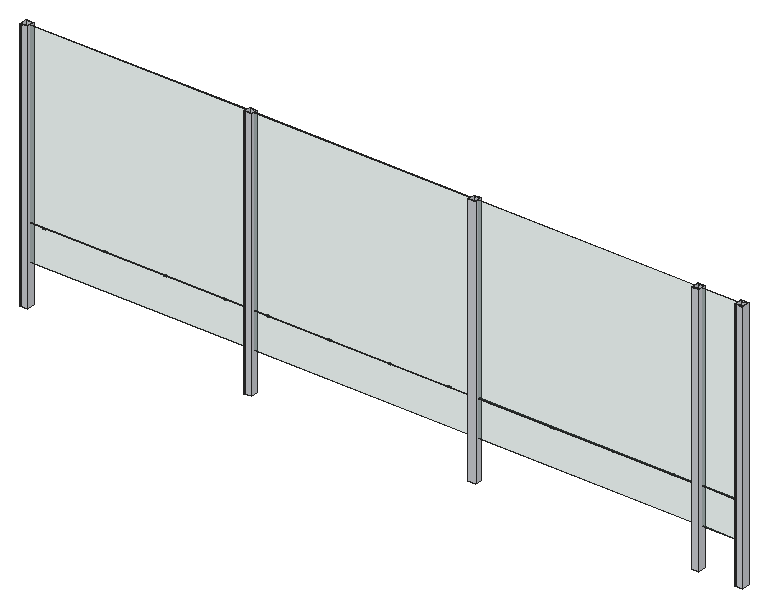
Revit family "Ограждение_Составное_Панель_2D_3000", category Специальное оборудование, Revit 2019 (continued)
Nested families
  nested 117: "В_Метизы" at (6220, 0, 2392.981), type "Метизы"
    with Тип крепежа 2, Путь к таблице "Таблица метизов", ADSK_Наименование "Комплект метизов «В» для крепления скобы из нержавеющей стали (Винт М8х30 ISO 7380 А2   - 4 шт., Шайба D8 DIN 125 А2-70 - 4 шт.,Шайба 8 DIN 127 нерж.)", ADSK_Комплект "Ограждение", ADSK_Количество 1, ADSK_Код изделия "8923"
Definition of nested family "В_Столб"
  Parameters (values of type "Столб")
    Условное обозначение [instance] = yes
    Тип крепежа [instance] = 1
    Таблица [instance] = "Столб новый"  # constant formula
    С фланцем под в.о. [instance] = no
    С фланцем [instance] = no
    Под насадку число [instance] = 1  # constant formula
    Под насадку [instance] = no
    Под бетонирование [instance] = yes
    Ограничитель крепежа [instance] = if(Тип крепежа < 0, 0, if(Тип крепежа > 4, 4, Тип крепежа))  # 1
    Крепеж в массиве [instance] = if(Под насадку, if(Высота забора < 3030 mm, if(N крепежа в массиве < 2, 2, N крепежа в массиве), 5) - 1, if(Высота забора < 3030 mm, if(N крепежа в массиве < 2, 2, N крепежа в массиве), 5))  # 5
    Manufacturer = [ADSK_Завод-изготовитель]  # "FENSYS"
    Длина под бетонирование [instance] = if(Под бетонирование, 500 mm, 0 mm)  # 500 mm
    Высота сваи [instance] = 1000 mm
    Диаметр сваи [instance] = 56 mm
    Высота забора [instance] = 5000 mm
    Выбор типа крепления [instance] = if(Под бетонирование, 1, if(С фланцем, 2, 0))  # 1
    URL = "https://www.fensys.ru/produkciya/vintovye-opory_1.html"
    N крепежа в массиве [instance] = rounddown(Высота забора / 485 mm)  # 10
    ADSK_Размер_Ширина [instance] = 40 mm
    ADSK_Размер_Толщина стенки [instance] = 2 mm
    ADSK_Размер_Глубина [instance] = 60 mm
    ADSK_Размер_Высота [instance] = Высота забора  # 5000 mm
    ADSK_Обозначение [instance] = if(С фланцем, "SIT", if(С фланцем под в.о., "SITgs", "SI"))  # "SI"
    ADSK_Наименование [instance] = size_lookup(Таблица, "", "Столб не найден, проверьте параметры", ADSK_Размер_Высота, ADSK_Размер_Ширина, ADSK_Размер_Глубина, ADSK_Размер_Толщина стенки, Выбор типа крепления, Под насадку число)  # "Столб ограждения (под насадку): профиль 40x60x2 мм, L= 5000 мм, под бетонирование"
    ADSK_Материал = none
    ADSK_Масса [instance] = size_lookup(Таблица, "ADSK_Масса", 0, ADSK_Размер_Высота, ADSK_Размер_Ширина, ADSK_Размер_Глубина, ADSK_Размер_Толщина стенки, Выбор типа крепления)  # 14.5
    ADSK_Комплект [instance] = "Ограждение"
    ADSK_Код изделия [instance] = size_lookup(Таблица, "ADSK_Код изделия", "Код столба не найден, проверьте параметры", ADSK_Размер_Высота, ADSK_Размер_Ширина, ADSK_Размер_Глубина, ADSK_Размер_Толщина стенки, Выбор типа крепления, Под насадку число)  # "23187N"
    ADSK_Завод-изготовитель = "FENSYS"  # constant formula
    ADSK_Единица измерения = "шт."  # constant formula
  Reference planes
    plane 1 "По центру (Вперед/Назад)": y = 0
    plane 2: z = 0
    plane 3 "По центру (Влево/Вправо)": x = 0
    plane 4: z = 5000
    plane 5: x = -20
    plane 6: x = 20
    plane 7: y = 30
    plane 8: y = -30
    plane 9: z = -500
    plane 10: z = 5000
  Forms (mm)
    Extrusion 1, solid
      sketch origin (0, 0, 0) x (1, 0, 0) y (0, 1, 0)
        loop
          line (-20, 30) -> (-20, -30) -> (20, -30) -> (20, 30) -> (-20, 30)
        loop
          line (-18, 28) -> (-18, -28) -> (18, -28) -> (18, 28) -> (-18, 28)
      from -500 to 5000
  Dimensions and locks
    equal spacing: plane 5, plane 3 "По центру (Влево/Вправо)", plane 6
    "ADSK_Размер_Ширина": plane 5 to plane 6
    "ADSK_Размер_Глубина": plane 8 to plane 7
    equal spacing: plane 8, plane 1 "По центру (Вперед/Назад)", plane 7
    "ADSK_Размер_Толщина стенки": Extrusion 1 sketch curve to plane 6
    "ADSK_Размер_Толщина стенки": plane 8 to Extrusion 1 sketch curve
    "ADSK_Размер_Толщина стенки": plane 7 to Extrusion 1 sketch curve
    "ADSK_Размер_Толщина стенки": plane 5 to Extrusion 1 sketch curve
    plane 4 to plane 2 = 5000 mm
    "Длина под бетонирование": level to plane 9
    nested 2 to plane 2 = 104.903 mm
    equal spacing: group 1, group 3, group 4, group 5, group 2  (x3)
    locked: plane 10 to nested 3 at 35
    "Высота забора": level to plane 10
    aligned and locked: level to plane 2
    aligned and locked: plane 4 to Extrusion 1
    aligned and locked: plane 6 to Extrusion 1
    aligned and locked: plane 5 to Extrusion 1
    aligned and locked: plane 8 to Extrusion 1
    aligned and locked: plane 7 to Extrusion 1
    aligned and locked: plane 3 "По центру (Влево/Вправо)" to nested 1
    aligned and locked: plane 1 "По центру (Вперед/Назад)" to nested 1
    aligned and locked: Extrusion 1 to plane 9
    aligned and locked: plane 3 "По центру (Влево/Вправо)" to nested 2
    aligned and locked: plane 3 "По центру (Влево/Вправо)" to nested 4
    aligned and locked: nested 10 to plane 1 "По центру (Вперед/Назад)"
    aligned and locked: plane 4 to plane 10
  Automatic sketch dimensions
    Extrusion 1 sketch curve to plane 5 = 0 mm
    Extrusion 1 sketch curve to plane 6 = 0 mm
    plane 8 to Extrusion 1 sketch curve = 0 mm
    Extrusion 1 sketch curve to plane 7 = 0 mm
  Nested families
    nested 1: "В_Винтовая опора" at (0, 0, 0), Ширина столба <- "ADSK_Размер_Ширина", Глубина столба <- "ADSK_Размер_Глубина", Диаметр сваи <- "Диаметр сваи", visible <- "С фланцем под в.о.", Высота сваи <- "Высота сваи", ADSK_Комплект <- "ADSK_Комплект", type "Свая"
      with Ширина столба 40 mm, Путь к таблице "Опора имя", Диаметр сваи 56 mm, Глубина столба 60 mm, Высота сваи 1000 mm, ADSK_Наименование "Свая не найдена, проверьте параметры", ADSK_Масса 0, ADSK_Комплект "Ограждение", ADSK_Завод-изготовитель "FENSYS", ADSK_Единица измерения "шт."
    nested 2: "В_Крепеж" at (0, 0, 104.903), Тип крепежа <- "Ограничитель крепежа", ADSK_Комплект <- "ADSK_Комплект", type "Крепеж"
      with Ширина столба 0 mm, Тип крепежа 1, Путь к таблице "Таблица крепежей", Видимость метизов yes, Y насадка no, ADSK_Обозначение "Крепеж", ADSK_Наименование "Скоба F24", ADSK_Комплект "Ограждение", ADSK_Количество 1, ADSK_Код изделия "15512K"
    nested 3: "В_Крепеж" at (0, 0, 4965), Тип крепежа <- "Ограничитель крепежа", ADSK_Комплект <- "ADSK_Комплект", type "Крепеж"
      with Ширина столба 0 mm, Тип крепежа 1, Путь к таблице "Таблица крепежей", Видимость метизов yes, Y насадка no, ADSK_Обозначение "Крепеж", ADSK_Наименование "Скоба F24", ADSK_Комплект "Ограждение", ADSK_Количество 1, ADSK_Код изделия "15512K"
    nested 4: "В_Крепеж" at (0, 0, 1319.928), Тип крепежа <- "Ограничитель крепежа", ADSK_Комплект <- "ADSK_Комплект", type "Крепеж"
      with Ширина столба 0 mm, Тип крепежа 1, Путь к таблице "Таблица крепежей", Видимость метизов yes, Y насадка no, ADSK_Обозначение "Крепеж", ADSK_Наименование "Скоба F24", ADSK_Комплект "Ограждение", ADSK_Количество 1, ADSK_Код изделия "15512K"
    nested 5: "В_Крепеж" at (0, 0, 2534.952), Тип крепежа <- "Ограничитель крепежа", ADSK_Комплект <- "ADSK_Комплект", type "Крепеж"
      with Ширина столба 0 mm, Тип крепежа 1, Путь к таблице "Таблица крепежей", Видимость метизов yes, Y насадка no, ADSK_Обозначение "Крепеж", ADSK_Наименование "Скоба F24", ADSK_Комплект "Ограждение", ADSK_Количество 1, ADSK_Код изделия "15512K"
    nested 6: "В_Метизы" at (20, 0, 2534.952), type "Метизы"
      with Тип крепежа 1, Путь к таблице "Таблица метизов", ADSK_Наименование "Комплект метизов «В» для крепления скобы F24 (Винт М6х30 ISO 7380 А2 - 4 шт., Шайба D6 DIN 125 А2 - 4 шт.,Шайба 6 DIN 127 А2 - 4 шт.)", ADSK_Комплект "Ограждение", ADSK_Количество 1, ADSK_Код изделия "8932"
    nested 7: "В_Метизы" at (20, 0, 104.903), type "Метизы"
      with Тип крепежа 1, Путь к таблице "Таблица метизов", ADSK_Наименование "Комплект метизов «В» для крепления скобы F24 (Винт М6х30 ISO 7380 А2 - 4 шт., Шайба D6 DIN 125 А2 - 4 шт.,Шайба 6 DIN 127 А2 - 4 шт.)", ADSK_Комплект "Ограждение", ADSK_Количество 1, ADSK_Код изделия "8932"
    nested 8: "В_Метизы" at (20, 0, 4965), type "Метизы"
      with Тип крепежа 1, Путь к таблице "Таблица метизов", ADSK_Наименование "Комплект метизов «В» для крепления скобы F24 (Винт М6х30 ISO 7380 А2 - 4 шт., Шайба D6 DIN 125 А2 - 4 шт.,Шайба 6 DIN 127 А2 - 4 шт.)", ADSK_Комплект "Ограждение", ADSK_Количество 1, ADSK_Код изделия "8932"
    nested 9: "В_Метизы" at (20, 0, 1319.928), type "Метизы"
      with Тип крепежа 1, Путь к таблице "Таблица метизов", ADSK_Наименование "Комплект метизов «В» для крепления скобы F24 (Винт М6х30 ISO 7380 А2 - 4 шт., Шайба D6 DIN 125 А2 - 4 шт.,Шайба 6 DIN 127 А2 - 4 шт.)", ADSK_Комплект "Ограждение", ADSK_Количество 1, ADSK_Код изделия "8932"
    nested 10: "Типовая аннотация" at (0, 0, 0) x (0, 1, 0) z (0, 0, 1), visible <- "Условное обозначение", type "Типовая аннотация"
      with Ширина 8 mm, Высота 8 mm
    nested 11: "В_Крепеж" at (0, 0, 3749.976), Тип крепежа <- "Ограничитель крепежа", ADSK_Комплект <- "ADSK_Комплект", type "Крепеж"
      with Ширина столба 0 mm, Тип крепежа 1, Путь к таблице "Таблица крепежей", Видимость метизов yes, Y насадка no, ADSK_Обозначение "Крепеж", ADSK_Наименование "Скоба F24", ADSK_Комплект "Ограждение", ADSK_Количество 1, ADSK_Код изделия "15512K"
    nested 12: "В_Метизы" at (20, 0, 3749.976), type "Метизы"
      with Тип крепежа 1, Путь к таблице "Таблица метизов", ADSK_Наименование "Комплект метизов «В» для крепления скобы F24 (Винт М6х30 ISO 7380 А2 - 4 шт., Шайба D6 DIN 125 А2 - 4 шт.,Шайба 6 DIN 127 А2 - 4 шт.)", ADSK_Комплект "Ограждение", ADSK_Количество 1, ADSK_Код изделия "8932"
  Definition of nested family "В_Винтовая опора"
    Parameters (values of type "Свая")
      Ширина столба [instance] = 60 mm
      Путь к таблице [instance] = "Опора имя"  # constant formula
      Диаметр сваи [instance] = 57 mm
      Глубина столба [instance] = 60 mm
      Высота сваи [instance] = 1000 mm
      URL = "https://www.fensys.ru/produkciya/zabivnye-svai_1.html"
      ADSK_Наименование [instance] = size_lookup(Путь к таблице, "", "Свая не найдена, проверьте параметры", Высота сваи, Диаметр сваи, Ширина столба, Глубина столба)  # "Винтовая опора 57х1000 фланец под столб 60х60"
      ADSK_Масса [instance] = size_lookup(Путь к таблице, "ADSK_Масса", 0, Высота сваи, Диаметр сваи, Ширина столба, Глубина столба)  # 5.5
      ADSK_Комплект [instance] = "Ограждение"
      ADSK_Завод-изготовитель [instance] = "FENSYS"  # constant formula
      ADSK_Единица измерения [instance] = "шт."  # constant formula
    Reference planes
      plane 1 "По центру (Вперед/Назад)": y = 0
      plane 2: z = 0
      plane 3 "По центру (Влево/Вправо)": x = 0
      plane 4 "Низ сваи": z = -1000
    Forms (mm)
      Blend 1, solid
        base sketch origin (0, 0, 0) x (1, 0, 0) y (0, 1, 0)
          loop
            circle (0, 0) r 20
        top sketch origin (0, 0, 0) x (1, 0, 0) y (0, 1, 0)
          loop
            circle (0, 0) r 57
        from -1000 to 0
    Dimensions and locks
      "Высота сваи": level to plane 4 "Низ сваи"
      "Диаметр сваи": radius of Blend 1 sketch curve
      aligned and locked: level to plane 2
      aligned and locked: level to Blend 1
      aligned and locked: Blend 1 to level
      aligned and locked: Blend 1 to plane 4 "Низ сваи"
    Automatic sketch dimensions
      plane 1 "По центру (Вперед/Назад)" to Blend 1 sketch curve = 0 mm  (x2)
      Blend 1 sketch curve to plane 3 "По центру (Влево/Вправо)" = 0 mm  (x2)
      radius of Blend 1 sketch curve = 20 mm
  Definition of nested family "В_Крепеж"
    Parameters (values of type "Крепеж")
      Ширина столба [instance] = 0 mm
      Тип крепежа [instance] = 5
      Путь к таблице [instance] = "Таблица крепежей"  # constant formula
      Manufacturer = [ADSK_Завод-изготовитель]  # "FENSYS"
      Model = "Насадки"
      Видимость метизов [instance] = not(Тип крепежа = 5)  # no
      Y насадка [instance] = yes
      URL = "https://www.fensys.ru/produkciya/krepyozh.html"
      ADSK_Обозначение [instance] = "Крепеж"  # constant formula
      ADSK_Наименование [instance] = size_lookup(Путь к таблице, "", "Не найдено", Тип крепежа)  # "Комплект крепления СББ/ПББ к насадке (Болт М6х25 DIN 933 оц - 4 шт., Зажим для крепления струны/проволоки - 4 шт., Шайба D6 DIN 125 оц. - 8 шт.,  Гайка М6 кл.8.0 DIN 934 оц. - 4 шт.)"
      ADSK_Комплект [instance] = ""
      ADSK_Количество [instance] = 1  # constant formula
      ADSK_Код изделия [instance] = size_lookup(Путь к таблице, "ADSK_Код изделия", "Не найдено", Тип крепежа)  # "8927"
      ADSK_Завод-изготовитель = "FENSYS"  # constant formula
      ADSK_Единица измерения = "шт."  # constant formula
    Reference planes
      plane 1 "По центру (Вперед/Назад)": y = 0
      plane 2: z = 0
      plane 3 "По центру (Влево/Вправо)": x = 0
      plane 4: z = 0
    Forms (mm)
      Extrusion 1, solid
        sketch origin (0, -3, 0) x (1, 0, 0) y (0, 1, 0)
          loop
            line (-20, 5.5) -> (-20, 0.5) -> (20, 0.5) -> (20, 5.5) -> (-20, 5.5)
        from -4.311 to 4.311
    Dimensions and locks
      locked: Extrusion 1 sketch curve to Extrusion 1 sketch curve at 5
      locked: Extrusion 1 sketch curve to Extrusion 1 sketch curve at 40
      aligned and locked: level to plane 2
    Nested families
      nested 1: "В_Метизы" at (20, 0, 0), Тип крепежа <- "Тип крепежа", ADSK_Комплект <- "ADSK_Комплект", visible <- "Видимость метизов", type "Метизы"
        with Тип крепежа 5, Путь к таблице "Таблица метизов", ADSK_Наименование "Комплект крепления СББ/ПББ к насадке (Болт М6х25 DIN 933 оц - 4 шт., Зажим для крепления струны/проволоки - 4 шт., Шайба D6 DIN 125 оц. - 8 шт.,  Гайка М6 кл.8.0 DIN 934 оц. - 4 шт.)", ADSK_Комплект "", ADSK_Количество 1, ADSK_Код изделия "8927"
      nested 2: "В_Метизы" at (-20, 0, 0), visible <- "Y насадка", Тип крепежа <- "Тип крепежа", ADSK_Комплект <- "ADSK_Комплект", type "Метизы"
        with Тип крепежа 5, Путь к таблице "Таблица метизов", ADSK_Наименование "Комплект крепления СББ/ПББ к насадке (Болт М6х25 DIN 933 оц - 4 шт., Зажим для крепления струны/проволоки - 4 шт., Шайба D6 DIN 125 оц. - 8 шт.,  Гайка М6 кл.8.0 DIN 934 оц. - 4 шт.)", ADSK_Комплект "", ADSK_Количество 1, ADSK_Код изделия "8927"
    Definition of nested family "В_Метизы"
      Parameters (values of type "Метизы")
        Тип крепежа [instance] = 1
        Путь к таблице [instance] = "Таблица метизов"  # constant formula
        Manufacturer = [ADSK_Завод-изготовитель]  # "FENSYS"
        URL = "https://www.fensys.ru/produkciya/krepyozh.html"
        ADSK_Наименование [instance] = size_lookup(Путь к таблице, "", "Не найдено", Тип крепежа)  # "Комплект метизов «В» для крепления скобы F24 (Винт М6х30 ISO 7380 А2 - 4 шт., Шайба D6 DIN 125 А2 - 4 шт.,Шайба 6 DIN 127 А2 - 4 шт.)"
        ADSK_Комплект [instance] = "Ограждение"
        ADSK_Количество [instance] = 1  # constant formula
        ADSK_Код изделия [instance] = size_lookup(Путь к таблице, "ADSK_Код изделия", "Не найдено", Тип крепежа)  # "8932"
        ADSK_Завод-изготовитель = "FENSYS"  # constant formula
        ADSK_Единица измерения = "шт."  # constant formula
      Reference planes
        plane 1 "По центру (Вперед/Назад)": y = 0
        plane 2: z = 0
        plane 3 "По центру (Влево/Вправо)": x = 0
        plane 4: z = 0
      Lines and regions (mm)
        reference lines
          curve 1: circle (0, 0, 0) r 0.299 normal (0, -1, 0)
        model lines
          curve 2: circle (0, 0, 0) r 0.3 normal (0, -1, 0)
      Dimensions and locks
        aligned and locked: level to plane 2
  Definition of nested family "В_Метизы"
    Parameters (values of type "Метизы")
      Тип крепежа [instance] = 1
      Путь к таблице [instance] = "Таблица метизов"  # constant formula
      Manufacturer = [ADSK_Завод-изготовитель]  # "FENSYS"
      URL = "https://www.fensys.ru/produkciya/krepyozh.html"
      ADSK_Наименование [instance] = size_lookup(Путь к таблице, "", "Не найдено", Тип крепежа)  # "Комплект метизов «В» для крепления скобы F24 (Винт М6х30 ISO 7380 А2 - 4 шт., Шайба D6 DIN 125 А2 - 4 шт.,Шайба 6 DIN 127 А2 - 4 шт.)"
      ADSK_Комплект [instance] = "Ограждение"
      ADSK_Количество [instance] = 1  # constant formula
      ADSK_Код изделия [instance] = size_lookup(Путь к таблице, "ADSK_Код изделия", "Не найдено", Тип крепежа)  # "8932"
      ADSK_Завод-изготовитель = "FENSYS"  # constant formula
      ADSK_Единица измерения = "шт."  # constant formula
    Reference planes
      plane 1 "По центру (Вперед/Назад)": y = 0
      plane 2: z = 0
      plane 3 "По центру (Влево/Вправо)": x = 0
      plane 4: z = 0
    Lines and regions (mm)
      reference lines
        curve 1: circle (0, 0, 0) r 0.299 normal (0, -1, 0)
      model lines
        curve 2: circle (0, 0, 0) r 0.3 normal (0, -1, 0)
    Dimensions and locks
      aligned and locked: level to plane 2
  Definition of nested family "Типовая аннотация"
    Parameters (values of type "Типовая аннотация")
      Ширина [instance] = 10 mm
      Высота [instance] = 10 mm
    Reference planes
      plane 1: y = 0
      plane 2: x = 0
    Lines and regions (mm)
      detail lines
        curve 1: line (-5, 5, 0) -> (5, 5, 0)
        curve 2: line (-5, -5, 0) -> (-5, 5, 0)
        curve 3: line (5, -5, 0) -> (-5, -5, 0)
        curve 4: line (5, 5, 0) -> (5, -5, 0)
      reference lines
        curve 5: line (-5, 0, 0) -> (5, 0, 0)
        curve 6: line (0, -5, 0) -> (0, 5, 0)
        curve 7: line (5, -5, 0) -> (5, 5, 0)
        curve 8: line (-5, -5, 0) -> (-5, 5, 0)
        curve 9: line (5, 5, 0) -> (-5, 5, 0)
        curve 10: line (5, -5, 0) -> (-5, -5, 0)
    Dimensions and locks
      "Высота": curve 9 to curve 10
      "Ширина": curve 8 to curve 7
      equal spacing: curve 10, plane 1, curve 9
      equal spacing: curve 8, curve 6, curve 7
      aligned and locked: plane 1 to curve 5
      aligned and locked: plane 2 to curve 6
      aligned and locked: curve 8 to curve 2
      aligned and locked: curve 1 to curve 9
      aligned and locked: curve 4 to curve 7
      aligned and locked: curve 3 to curve 10
Definition of nested family "В_Панель_2D"
  Parameters (values of type "Панель")
    Толщина панели = 8 mm
    Тип крепежа [instance] = 0
    Таблица массы = "Панель_масса_2Д"  # constant formula
    Расчетная длина [instance] = ADSK_Размер_Ширина + Отступ панели * 2  # 3100 mm
    Размер ячейки [instance] = 2
    Размер прутка [instance] = 0
    Таблица поиска = "Панель_имя_2Д"  # constant formula
    Отступ панели от основания [instance] = 100 mm
    Отступ панели [instance] = 50 mm
    Manufacturer = [ADSK_Завод-изготовитель]  # "FENSYS"
    URL = "https://www.fensys.ru/produkciya/3d-zabory.html"
    ADSK_Размер_Ширина [instance] = 3000 mm
    ADSK_Размер_Высота [instance] = 1030 mm
    ADSK_Примечание [instance] = ""
    ADSK_Обозначение [instance] = if(Размер ячейки = 1, "GUARD-G", if(Размер ячейки = 2, "GUARD-T", "GUARD"))  # "GUARD-T"
    ADSK_Наименование [instance] = size_lookup(Таблица поиска, "", "Панель под подрезку", ADSK_Размер_Ширина, ADSK_Размер_Высота, Размер ячейки, Размер прутка)  # "Панель серии 2D: HxW (высота х ширина) 1030x3000 мм, пруток D=5/5/5 мм, ячейка = 50х150"
    ADSK_Материал = none
    ADSK_Масса [instance] = size_lookup(Таблица массы, "ADSK_Масса", 0, ADSK_Размер_Ширина, ADSK_Размер_Высота, Размер ячейки, Размер прутка)  # 15.8
    ADSK_Комплект [instance] = "Ограждение"
    ADSK_Код изделия [instance] = size_lookup(Таблица поиска, "ADSK_Код изделия", " ", ADSK_Размер_Ширина, ADSK_Размер_Высота, Размер ячейки, Размер прутка)  # "21829"
    ADSK_Завод-изготовитель = "FENSYS"  # constant formula
    ADSK_Единица измерения = "шт."  # constant formula
  Reference planes
    plane 1 "По центру (Вперед/Назад)": y = 0
    plane 2 "Низ панели": z = 0
    plane 3 "По центру (Влево/Вправо)": x = 0
    plane 4: x = 3050
    plane 5: x = 50
    plane 6: x = 3100
    plane 7: z = 100
    plane 8: y = -4
    plane 9: y = 4
    plane 10: z = 1130
  Forms (mm)
    Extrusion 1, solid, material <- "ADSK_Материал"
      sketch origin (0, 0, 0) x (1, 0, 0) y (0, 1, 0)
        loop
          line (50, 4) -> (50, -4) -> (3050, -4) -> (3050, 4) -> (50, 4)
      from 100 to 1130
  Dimensions and locks
    "ADSK_Размер_Ширина": plane 5 to plane 4
    "Отступ панели": plane 4 to plane 6
    "Отступ панели": plane 3 "По центру (Влево/Вправо)" to plane 5
    "Расчетная длина": plane 3 "По центру (Влево/Вправо)" to plane 6
    "Отступ панели от основания": plane 7 to level
    equal spacing: plane 8, plane 1 "По центру (Вперед/Назад)", plane 9
    "Толщина панели": plane 9 to plane 8
    "ADSK_Размер_Высота": plane 10 to plane 7
    aligned and locked: level to plane 2 "Низ панели"
    aligned and locked: Extrusion 1 sketch curve to plane 4
    aligned and locked: plane 5 to Extrusion 1 sketch curve
    aligned and locked: Extrusion 1 to plane 7
    aligned and locked: Extrusion 1 to plane 9
    aligned and locked: plane 8 to Extrusion 1
    aligned and locked: Extrusion 1 to plane 10
    aligned and locked: plane 7 to Extrusion 1
  Automatic sketch dimensions
    plane 8 to Extrusion 1 sketch curve = 0 mm
    plane 9 to Extrusion 1 sketch curve = 0 mm
Definition of nested family "В_Крепеж"
  Parameters (values of type "Крепеж")
    Ширина столба [instance] = 0 mm
    Тип крепежа [instance] = 5
    Путь к таблице [instance] = "Таблица крепежей"  # constant formula
    Manufacturer = [ADSK_Завод-изготовитель]  # "FENSYS"
    Model = "Насадки"
    Видимость метизов [instance] = not(Тип крепежа = 5)  # no
    Y насадка [instance] = yes
    URL = "https://www.fensys.ru/produkciya/krepyozh.html"
    ADSK_Обозначение [instance] = "Крепеж"  # constant formula
    ADSK_Наименование [instance] = size_lookup(Путь к таблице, "", "Не найдено", Тип крепежа)  # "Комплект крепления СББ/ПББ к насадке (Болт М6х25 DIN 933 оц - 4 шт., Зажим для крепления струны/проволоки - 4 шт., Шайба D6 DIN 125 оц. - 8 шт.,  Гайка М6 кл.8.0 DIN 934 оц. - 4 шт.)"
    ADSK_Комплект [instance] = ""
    ADSK_Количество [instance] = 1  # constant formula
    ADSK_Код изделия [instance] = size_lookup(Путь к таблице, "ADSK_Код изделия", "Не найдено", Тип крепежа)  # "8927"
    ADSK_Завод-изготовитель = "FENSYS"  # constant formula
    ADSK_Единица измерения = "шт."  # constant formula
  Reference planes
    plane 1 "По центру (Вперед/Назад)": y = 0
    plane 2: z = 0
    plane 3 "По центру (Влево/Вправо)": x = 0
    plane 4: z = 0
  Forms (mm)
    Extrusion 1, solid
      sketch origin (0, -3, 0) x (1, 0, 0) y (0, 1, 0)
        loop
          line (-20, 5.5) -> (-20, 0.5) -> (20, 0.5) -> (20, 5.5) -> (-20, 5.5)
      from -4.311 to 4.311
  Dimensions and locks
    locked: Extrusion 1 sketch curve to Extrusion 1 sketch curve at 5
    locked: Extrusion 1 sketch curve to Extrusion 1 sketch curve at 40
    aligned and locked: level to plane 2
  Nested families
    nested 1: "В_Метизы" at (20, 0, 0), Тип крепежа <- "Тип крепежа", ADSK_Комплект <- "ADSK_Комплект", visible <- "Видимость метизов", type "Метизы"
      with Тип крепежа 5, Путь к таблице "Таблица метизов", ADSK_Наименование "Комплект крепления СББ/ПББ к насадке (Болт М6х25 DIN 933 оц - 4 шт., Зажим для крепления струны/проволоки - 4 шт., Шайба D6 DIN 125 оц. - 8 шт.,  Гайка М6 кл.8.0 DIN 934 оц. - 4 шт.)", ADSK_Комплект "", ADSK_Количество 1, ADSK_Код изделия "8927"
    nested 2: "В_Метизы" at (-20, 0, 0), visible <- "Y насадка", Тип крепежа <- "Тип крепежа", ADSK_Комплект <- "ADSK_Комплект", type "Метизы"
      with Тип крепежа 5, Путь к таблице "Таблица метизов", ADSK_Наименование "Комплект крепления СББ/ПББ к насадке (Болт М6х25 DIN 933 оц - 4 шт., Зажим для крепления струны/проволоки - 4 шт., Шайба D6 DIN 125 оц. - 8 шт.,  Гайка М6 кл.8.0 DIN 934 оц. - 4 шт.)", ADSK_Комплект "", ADSK_Количество 1, ADSK_Код изделия "8927"
  Definition of nested family "В_Метизы"
    Parameters (values of type "Метизы")
      Тип крепежа [instance] = 1
      Путь к таблице [instance] = "Таблица метизов"  # constant formula
      Manufacturer = [ADSK_Завод-изготовитель]  # "FENSYS"
      URL = "https://www.fensys.ru/produkciya/krepyozh.html"
      ADSK_Наименование [instance] = size_lookup(Путь к таблице, "", "Не найдено", Тип крепежа)  # "Комплект метизов «В» для крепления скобы F24 (Винт М6х30 ISO 7380 А2 - 4 шт., Шайба D6 DIN 125 А2 - 4 шт.,Шайба 6 DIN 127 А2 - 4 шт.)"
      ADSK_Комплект [instance] = "Ограждение"
      ADSK_Количество [instance] = 1  # constant formula
      ADSK_Код изделия [instance] = size_lookup(Путь к таблице, "ADSK_Код изделия", "Не найдено", Тип крепежа)  # "8932"
      ADSK_Завод-изготовитель = "FENSYS"  # constant formula
      ADSK_Единица измерения = "шт."  # constant formula
    Reference planes
      plane 1 "По центру (Вперед/Назад)": y = 0
      plane 2: z = 0
      plane 3 "По центру (Влево/Вправо)": x = 0
      plane 4: z = 0
    Lines and regions (mm)
      reference lines
        curve 1: circle (0, 0, 0) r 0.299 normal (0, -1, 0)
      model lines
        curve 2: circle (0, 0, 0) r 0.3 normal (0, -1, 0)
    Dimensions and locks
      aligned and locked: level to plane 2
Definition of nested family "В_Метизы"
  Parameters (values of type "Метизы")
    Тип крепежа [instance] = 1
    Путь к таблице [instance] = "Таблица метизов"  # constant formula
    Manufacturer = [ADSK_Завод-изготовитель]  # "FENSYS"
    URL = "https://www.fensys.ru/produkciya/krepyozh.html"
    ADSK_Наименование [instance] = size_lookup(Путь к таблице, "", "Не найдено", Тип крепежа)  # "Комплект метизов «В» для крепления скобы F24 (Винт М6х30 ISO 7380 А2 - 4 шт., Шайба D6 DIN 125 А2 - 4 шт.,Шайба 6 DIN 127 А2 - 4 шт.)"
    ADSK_Комплект [instance] = "Ограждение"
    ADSK_Количество [instance] = 1  # constant formula
    ADSK_Код изделия [instance] = size_lookup(Путь к таблице, "ADSK_Код изделия", "Не найдено", Тип крепежа)  # "8932"
    ADSK_Завод-изготовитель = "FENSYS"  # constant formula
    ADSK_Единица измерения = "шт."  # constant formula
  Reference planes
    plane 1 "По центру (Вперед/Назад)": y = 0
    plane 2: z = 0
    plane 3 "По центру (Влево/Вправо)": x = 0
    plane 4: z = 0
  Lines and regions (mm)
    reference lines
      curve 1: circle (0, 0, 0) r 0.299 normal (0, -1, 0)
    model lines
      curve 2: circle (0, 0, 0) r 0.3 normal (0, -1, 0)
  Dimensions and locks
    aligned and locked: level to plane 2
Definition of nested family "В_Крепеж_межпанельный"
  Parameters (values of type "В_Крепеж_межпанельный")
    Ширина столба [instance] = 100 mm
    Шаг столбов [instance] = 500 mm
    Тип крепежа [instance] = 1  # constant formula
    Ограничитель длины [instance] = if(not(Длина панели > 0 mm), 1 mm, Длина панели)  # 400 mm
    Длина панели [instance] = Шаг столбов - Ширина столба  # 400 mm
    Видимость одного крепежа [instance] = no
    Видимость массива [instance] = yes
    N межпанельно крепежа [instance] = if(not(Длина панели < 2500 mm), 4, if(and(Длина панели < 2500 mm, not(Длина панели < 1500 mm)), 3, 2))  # 2
    ADSK_Комплект [instance] = "Ограждение"
  Reference planes
    plane 1 "По центру (Вперед/Назад)": y = 0
    plane 2: z = 0
    plane 3 "По центру (Влево/Вправо)": x = 0
    plane 4: x = 200
    plane 5: x = -200
  Dimensions and locks
    "Ограничитель длины": plane 5 to plane 4
    equal spacing: plane 5, plane 3 "По центру (Влево/Вправо)", plane 4
    group 2 to group 1 = 100 mm
    group 1 to group 2 = 0 mm  (x2)
    locked: nested 3 to plane 4 at 250
    locked: plane 5 to nested 1 at 250
    aligned and locked: level to plane 2
    aligned and locked: plane 1 "По центру (Вперед/Назад)" to nested 1
    aligned and locked: plane 3 "По центру (Влево/Вправо)" to nested 5
    aligned and locked: plane 1 "По центру (Вперед/Назад)" to nested 5
  Nested families
    nested 1: "В_Крепеж" at (50, 0, 0), Тип крепежа <- "Тип крепежа", ADSK_Комплект <- "ADSK_Комплект", visible <- "Видимость массива", type "Крепеж"
      with Ширина столба 0 mm, Тип крепежа 1, Путь к таблице "Таблица крепежей", Видимость метизов yes, Y насадка no, ADSK_Обозначение "Крепеж", ADSK_Наименование "Скоба F24", ADSK_Комплект "Ограждение", ADSK_Количество 1, ADSK_Код изделия "15512K"
    nested 2: "В_Метизы" at (70, 0, 0), type "Метизы"
      with Тип крепежа 1, Путь к таблице "Таблица метизов", ADSK_Наименование "Комплект метизов «В» для крепления скобы F24 (Винт М6х30 ISO 7380 А2 - 4 шт., Шайба D6 DIN 125 А2 - 4 шт.,Шайба 6 DIN 127 А2 - 4 шт.)", ADSK_Комплект "Ограждение", ADSK_Количество 1, ADSK_Код изделия "8932"
    nested 3: "В_Крепеж" at (-50, 0, 0), Тип крепежа <- "Тип крепежа", ADSK_Комплект <- "ADSK_Комплект", visible <- "Видимость массива", type "Крепеж"
      with Ширина столба 0 mm, Тип крепежа 1, Путь к таблице "Таблица крепежей", Видимость метизов yes, Y насадка no, ADSK_Обозначение "Крепеж", ADSK_Наименование "Скоба F24", ADSK_Комплект "Ограждение", ADSK_Количество 1, ADSK_Код изделия "15512K"
    nested 4: "В_Метизы" at (-30, 0, 0), type "Метизы"
      with Тип крепежа 1, Путь к таблице "Таблица метизов", ADSK_Наименование "Комплект метизов «В» для крепления скобы F24 (Винт М6х30 ISO 7380 А2 - 4 шт., Шайба D6 DIN 125 А2 - 4 шт.,Шайба 6 DIN 127 А2 - 4 шт.)", ADSK_Комплект "Ограждение", ADSK_Количество 1, ADSK_Код изделия "8932"
    nested 5: "В_Крепеж" at (0, 0, 0), visible <- "Видимость одного крепежа", type "Крепеж"
      with Ширина столба 0 mm, Тип крепежа 1, Путь к таблице "Таблица крепежей", Видимость метизов yes, Y насадка yes, ADSK_Обозначение "Крепеж", ADSK_Наименование "Скоба F24", ADSK_Комплект "Ограждение", ADSK_Количество 1, ADSK_Код изделия "15512K"
    nested 6: "В_Метизы" at (20, 0, 0), type "Метизы"
      with Тип крепежа 1, Путь к таблице "Таблица метизов", ADSK_Наименование "Комплект метизов «В» для крепления скобы F24 (Винт М6х30 ISO 7380 А2 - 4 шт., Шайба D6 DIN 125 А2 - 4 шт.,Шайба 6 DIN 127 А2 - 4 шт.)", ADSK_Комплект "Ограждение", ADSK_Количество 1, ADSK_Код изделия "8932"
    nested 7: "В_Метизы" at (-20, 0, 0), type "Метизы"
      with Тип крепежа 1, Путь к таблице "Таблица метизов", ADSK_Наименование "Комплект метизов «В» для крепления скобы F24 (Винт М6х30 ISO 7380 А2 - 4 шт., Шайба D6 DIN 125 А2 - 4 шт.,Шайба 6 DIN 127 А2 - 4 шт.)", ADSK_Комплект "Ограждение", ADSK_Количество 1, ADSK_Код изделия "8932"
  Definition of nested family "В_Крепеж"
    Parameters (values of type "Крепеж")
      Ширина столба [instance] = 0 mm
      Тип крепежа [instance] = 5
      Путь к таблице [instance] = "Таблица крепежей"  # constant formula
      Manufacturer = [ADSK_Завод-изготовитель]  # "FENSYS"
      Model = "Насадки"
      Видимость метизов [instance] = not(Тип крепежа = 5)  # no
      Y насадка [instance] = yes
      URL = "https://www.fensys.ru/produkciya/krepyozh.html"
      ADSK_Обозначение [instance] = "Крепеж"  # constant formula
      ADSK_Наименование [instance] = size_lookup(Путь к таблице, "", "Не найдено", Тип крепежа)  # "Комплект крепления СББ/ПББ к насадке (Болт М6х25 DIN 933 оц - 4 шт., Зажим для крепления струны/проволоки - 4 шт., Шайба D6 DIN 125 оц. - 8 шт.,  Гайка М6 кл.8.0 DIN 934 оц. - 4 шт.)"
      ADSK_Комплект [instance] = ""
      ADSK_Количество [instance] = 1  # constant formula
      ADSK_Код изделия [instance] = size_lookup(Путь к таблице, "ADSK_Код изделия", "Не найдено", Тип крепежа)  # "8927"
      ADSK_Завод-изготовитель = "FENSYS"  # constant formula
      ADSK_Единица измерения = "шт."  # constant formula
    Reference planes
      plane 1 "По центру (Вперед/Назад)": y = 0
      plane 2: z = 0
      plane 3 "По центру (Влево/Вправо)": x = 0
      plane 4: z = 0
    Forms (mm)
      Extrusion 1, solid
        sketch origin (0, -3, 0) x (1, 0, 0) y (0, 1, 0)
          loop
            line (-20, 5.5) -> (-20, 0.5) -> (20, 0.5) -> (20, 5.5) -> (-20, 5.5)
        from -4.311 to 4.311
    Dimensions and locks
      locked: Extrusion 1 sketch curve to Extrusion 1 sketch curve at 5
      locked: Extrusion 1 sketch curve to Extrusion 1 sketch curve at 40
      aligned and locked: level to plane 2
    Nested families
      nested 1: "В_Метизы" at (20, 0, 0), Тип крепежа <- "Тип крепежа", ADSK_Комплект <- "ADSK_Комплект", visible <- "Видимость метизов", type "Метизы"
        with Тип крепежа 5, Путь к таблице "Таблица метизов", ADSK_Наименование "Комплект крепления СББ/ПББ к насадке (Болт М6х25 DIN 933 оц - 4 шт., Зажим для крепления струны/проволоки - 4 шт., Шайба D6 DIN 125 оц. - 8 шт.,  Гайка М6 кл.8.0 DIN 934 оц. - 4 шт.)", ADSK_Комплект "", ADSK_Количество 1, ADSK_Код изделия "8927"
      nested 2: "В_Метизы" at (-20, 0, 0), visible <- "Y насадка", Тип крепежа <- "Тип крепежа", ADSK_Комплект <- "ADSK_Комплект", type "Метизы"
        with Тип крепежа 5, Путь к таблице "Таблица метизов", ADSK_Наименование "Комплект крепления СББ/ПББ к насадке (Болт М6х25 DIN 933 оц - 4 шт., Зажим для крепления струны/проволоки - 4 шт., Шайба D6 DIN 125 оц. - 8 шт.,  Гайка М6 кл.8.0 DIN 934 оц. - 4 шт.)", ADSK_Комплект "", ADSK_Количество 1, ADSK_Код изделия "8927"
    Definition of nested family "В_Метизы"
      Parameters (values of type "Метизы")
        Тип крепежа [instance] = 1
        Путь к таблице [instance] = "Таблица метизов"  # constant formula
        Manufacturer = [ADSK_Завод-изготовитель]  # "FENSYS"
        URL = "https://www.fensys.ru/produkciya/krepyozh.html"
        ADSK_Наименование [instance] = size_lookup(Путь к таблице, "", "Не найдено", Тип крепежа)  # "Комплект метизов «В» для крепления скобы F24 (Винт М6х30 ISO 7380 А2 - 4 шт., Шайба D6 DIN 125 А2 - 4 шт.,Шайба 6 DIN 127 А2 - 4 шт.)"
        ADSK_Комплект [instance] = "Ограждение"
        ADSK_Количество [instance] = 1  # constant formula
        ADSK_Код изделия [instance] = size_lookup(Путь к таблице, "ADSK_Код изделия", "Не найдено", Тип крепежа)  # "8932"
        ADSK_Завод-изготовитель = "FENSYS"  # constant formula
        ADSK_Единица измерения = "шт."  # constant formula
      Reference planes
        plane 1 "По центру (Вперед/Назад)": y = 0
        plane 2: z = 0
        plane 3 "По центру (Влево/Вправо)": x = 0
        plane 4: z = 0
      Lines and regions (mm)
        reference lines
          curve 1: circle (0, 0, 0) r 0.299 normal (0, -1, 0)
        model lines
          curve 2: circle (0, 0, 0) r 0.3 normal (0, -1, 0)
      Dimensions and locks
        aligned and locked: level to plane 2
  Definition of nested family "В_Метизы"
    Parameters (values of type "Метизы")
      Тип крепежа [instance] = 1
      Путь к таблице [instance] = "Таблица метизов"  # constant formula
      Manufacturer = [ADSK_Завод-изготовитель]  # "FENSYS"
      URL = "https://www.fensys.ru/produkciya/krepyozh.html"
      ADSK_Наименование [instance] = size_lookup(Путь к таблице, "", "Не найдено", Тип крепежа)  # "Комплект метизов «В» для крепления скобы F24 (Винт М6х30 ISO 7380 А2 - 4 шт., Шайба D6 DIN 125 А2 - 4 шт.,Шайба 6 DIN 127 А2 - 4 шт.)"
      ADSK_Комплект [instance] = "Ограждение"
      ADSK_Количество [instance] = 1  # constant formula
      ADSK_Код изделия [instance] = size_lookup(Путь к таблице, "ADSK_Код изделия", "Не найдено", Тип крепежа)  # "8932"
      ADSK_Завод-изготовитель = "FENSYS"  # constant formula
      ADSK_Единица измерения = "шт."  # constant formula
    Reference planes
      plane 1 "По центру (Вперед/Назад)": y = 0
      plane 2: z = 0
      plane 3 "По центру (Влево/Вправо)": x = 0
      plane 4: z = 0
    Lines and regions (mm)
      reference lines
        curve 1: circle (0, 0, 0) r 0.299 normal (0, -1, 0)
      model lines
        curve 2: circle (0, 0, 0) r 0.3 normal (0, -1, 0)
    Dimensions and locks
      aligned and locked: level to plane 2
Types (10, lengths in mm): name | Ширина столба | Ширина резаной | Шаг столбов | Толщина стенки столба | С фланцем под В.О. | С фланцем | Шаг последнего столба | Пруток D=5/5/5мм | Пруток D=8/6/8мм | Под бетонирование | Отступ панели | Ограничитель высоты | Инструкция | built-in parameter 1001306 | Глубина столба | Высота столба | Расчет D прутка | Высота забора | Высота верхней панели | Выбор типа основания | Видимость массива соединителей последней панели | Видимость одного соединителя последней панели | N столбов в массиве | N панелей в массиве | N панелей | ADSK_Размер_Длина | ADSK_Наименование
  Панель 3000_Под винт_Столб 60х60 | 60 | 700 | 3060 | 2 | yes | no | 760 | no | yes | no | 30 | 3000 | "https://docs.google.com/document/d/1XoauSrwt7IGAhMdFAXwtCzeMTNeNAc0jOe2-wnaxtaw/edit#heading=h.gjdgxs" | 13000 | 60 | 3000 | 2 | 3000 | 2460 | 0 | no | yes | 4 | 4 | 5 | 13000 | "Ограждение составное 2д - Панель 3000_Под винт_Столб 60х60"
  Панель 3000_Под бетон_Столб 80х80 | 80 | 1100 | 3080 | 2 | no | no | 1180 | no | yes | yes | 40 | 3000 | "https://docs.google.com/document/d/1XoauSrwt7IGAhMdFAXwtCzeMTNeNAc0jOe2-wnaxtaw/edit#heading=h.gjdgxs" | 13500 | 80 | 3000 | 2 | 3000 | 2460 | 1 | yes | no | 4 | 4 | 5 | 13500 | "Ограждение составное 2д - Панель 3000_Под бетон_Столб 80х80"
  Панель 3000_Под бетон_Столб 60х60 | 60 | 1600 | 3060 | 2 | no | no | 1660 | no | yes | yes | 30 | 3000 | "https://docs.google.com/document/d/1XoauSrwt7IGAhMdFAXwtCzeMTNeNAc0jOe2-wnaxtaw/edit#heading=h.gjdgxs" | 13900 | 60 | 3000 | 2 | 3000 | 2460 | 1 | yes | no | 4 | 4 | 5 | 13900 | "Ограждение составное 2д - Панель 3000_Под бетон_Столб 60х60"
  Панель 3000_Фланцевое крепление_Столб 80х80 | 80 | 280 | 3080 | 2 | no | no | 360 | no | yes | yes | 40 | 3200 | "https://docs.google.com/document/d/1XoauSrwt7IGAhMdFAXwtCzeMTNeNAc0jOe2-wnaxtaw/edit#heading=h.gjdgxs" | 9600 | 80 | 3200 | 2 | 3200 | 2660 | 1 | no | no | 3 | 3 | 4 | 9600 | "Ограждение составное 2д - Панель 3000_Фланцевое крепление_Столб 80х80"
  Панель 3000_Фланцевое крепление_Столб 60х60 | 60 | 2500 | 3060 | 2 | no | yes | 2560 | no | yes | no | 30 | 3000 | "https://docs.google.com/document/d/1XoauSrwt7IGAhMdFAXwtCzeMTNeNAc0jOe2-wnaxtaw/edit#heading=h.gjdgxs" | 8680 | 60 | 3000 | 2 | 3000 | 2460 | 2 | yes | no | 2 | 2 | 3 | 8680 | "Ограждение составное 2д - Панель 3000_Фланцевое крепление_Столб 60х60"
  Панель 3000_Под бетон_Столб 60х80 | 60 | 2760 | 3060 | 2 | no | no | 2820 | no | yes | yes | 30 | 3000 | "https://docs.google.com/document/d/1XoauSrwt7IGAhMdFAXwtCzeMTNeNAc0jOe2-wnaxtaw/edit#heading=h.gjdgxs" | 12000 | 80 | 3000 | 2 | 3000 | 2460 | 1 | yes | no | 3 | 3 | 4 | 12000 | "Ограждение составное 2д - Панель 3000_Под бетон_Столб 60х80"
  Панель 3000_Под винт_Столб 60х80 | 60 | 2760 | 3060 | 2 | yes | no | 2820 | no | yes | no | 30 | 3000 | "https://docs.google.com/document/d/1XoauSrwt7IGAhMdFAXwtCzeMTNeNAc0jOe2-wnaxtaw/edit#heading=h.gjdgxs" | 12000 | 80 | 3000 | 2 | 3000 | 2460 | 0 | yes | no | 3 | 3 | 4 | 12000 | "Ограждение составное 2д - Панель 3000_Под винт_Столб 60х80"
  Панель 3000_Фланцевое крепление_Столб 60х80 | 60 | 2760 | 3060 | 2 | no | yes | 2820 | no | yes | no | 30 | 3000 | "https://docs.google.com/document/d/1IZ23Kcrgo5doBSj0OS3zBY8vtm9TEmR93C9WKd7StHU/edit?usp=sharing" | 12000 | 80 | 3000 | 2 | 3000 | 2460 | 2 | yes | no | 3 | 3 | 4 | 12000 | "Ограждение составное 2д - Панель 3000_Фланцевое крепление_Столб 60х80"
  Панель 3000_Под винт_Столб 80х80 | 80 | 2680 | 3080 | 2 | yes | no | 2760 | no | yes | no | 40 | 3000 | "https://docs.google.com/document/d/1XoauSrwt7IGAhMdFAXwtCzeMTNeNAc0jOe2-wnaxtaw/edit#heading=h.gjdgxs" | 12000 | 80 | 3000 | 2 | 3000 | 2460 | 0 | yes | no | 3 | 3 | 4 | 12000 | "Ограждение составное 2д - Панель 3000_Под винт_Столб 80х80"
  Панель 3000_Под бетон_Столб 100х100 | 100 | 500 | 3100 | 3 | no | no | 600 | yes | no | yes | 50 | 3000 | "https://docs.google.com/document/d/1XoauSrwt7IGAhMdFAXwtCzeMTNeNAc0jOe2-wnaxtaw/edit#heading=h.gjdgxs" | 9900 | 100 | 3000 | 0 | 3000 | 2460 | 1 | no | no | 3 | 3 | 4 | 9900 | "Ограждение составное 2д - Панель 3000_Под бетон_Столб 100х100"
